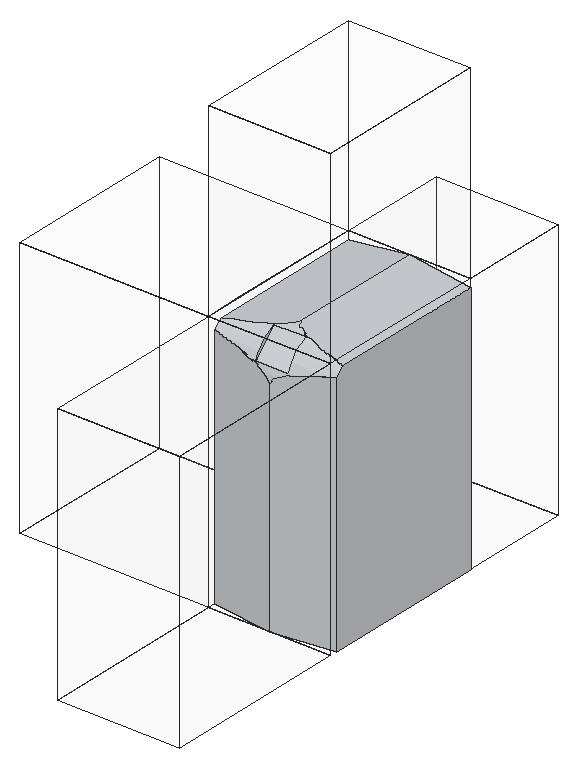
Revit family
Parameters (values of type "KBN211")
  Water Outlet Radius = 1/2"
  SES BIM Studio # = "201264901-3"
  J_ Air Inlet Offset = 1 3/4"
  F_ Water Outlet Offset = 14 1/4"
  Water Inlet Radius = 1/2"
  G_Water Inlet Offset = 5 1/4"
  WIDTH = 15 1/2"
  Voltage/Heater = "120"
  Voltage/Control = "24"
  AIR INLET SIZE = Air Inlet Radius * 2  # 3"
  URL = "http://www.lochinvar.com/products/Default.aspx?type=ProductLine&lineid=11"
  Total Amps = "1.2"
  Model = "KB-081"
  Manufacturer = "Lochinvar"
  MODEL NO. = "KBN211"
  Gas Conn Radius = 1/4"
  K_Gas Conn Offset = 16 1/4"
  I_Gas Conn Height = 23"
  GAS CONN SIZE = Gas Conn Radius * 2  # 1/2"
  GALLON CAPACITY = "1.7"
  Flue Radius = 1 1/2"
  VENT SIZE = Flue Radius * 2  # 3"
  D_ Drain Offset = 16 1/2"
  C_ DEPTH = 22 1/4"
  INPUT RATE (BTUH) = "210,000"
  A_HEIGHT = 33 1/4"
  FUEL TYPE = "NATURAL GAS"
  Description = "Knight Boiler"
  Fuel Type = "Natural or LP"
  E_Condensate Drain Offset = 15 3/4"
  Air Inlet Radius = 1 1/2"
  H_Air Inlet Height = 21 1/4"
  # of Electrical Connections = "1"
Types (5): name | F_ Water Outlet Offset | G_Water Inlet Offset | Total Amps | MODEL NO. | K_Gas Conn Offset | I_Gas Conn Height | GALLON CAPACITY | D_ Drain Offset | C_ DEPTH | INPUT RATE (BTUH) | E_Condensate Drain Offset | H_Air Inlet Height
  (no name) | 14 1/4" | 5 1/4" | "1.2" | "KBN211" | 16 1/4" | 23" | "1.7" | 16 1/2" | 22 1/4" | "210,000" | 15 3/4" | 21 1/4"
  KBN081 | 5" | 3" | "0.5" | "KBN081" | 7" | 22" | "0.6" | 7" | 14" | "80,000" | 5 3/4" | 20 1/2"
  KBN106 | 4 1/2" | 1 1/2" | "0.5" | "KBN106" | 7" | 22" | "0.7" | 6 1/2" | 14" | "105,000" | 5 3/4" | 20 1/2"
  KBN151 | 10" | 1 1/2" | "1.0" | "KBN151" | 12" | 23" | "1.3" | 12 1/4" | 18" | "150,000" | 11 1/2" | 21 1/4"
  KBN211 | 14 1/4" | 5 1/4" | "1.2" | "KBN211" | 16 1/4" | 23" | "1.7" | 16 1/2" | 22 1/4" | "210,000" | 15 3/4" | 21 1/4"
Reference planes (in)
  plane 1 "Center (Front/Back)": y = 6.125
  plane 2: z = 0
  plane 3 "Center (Left/Right)": x = -1.39218
  plane 4 "Back": y = 17.25
  plane 5 "Front": y = -5
  plane 6 "Top": z = 33.25
  plane 7 "Right": x = 6.35782
  plane 8 "Left": x = -9.14218
  plane 9 "Front Clearance": y = -29
  plane 10 "Back Clearance": y = 31.25
  plane 11 "Left Clearance": x = -33.14218
  plane 12 "Top Clearance": z = 57.25
Forms (in)
  Extrusion 1, solid
    sketch origin (-38.1296, -180, 3) x (-1, 0, 0) y (0, -1, 0)
      loop
        line (-28.98742, -197.25) -> (-28.98742, -175) -> (-44.48742, -175) -> (-44.48742, -197.25) -> (-28.98742, -197.25)
    from 30.25 to -3
  Extrusion 2, solid, material "Clearance"
    sketch origin (-15.62351, 24, -0.75) x (1, 0, 0) y (0, 1, 0)
      loop
        line (6.48133, 7.25) -> (6.48133, -6.75) -> (21.98133, -6.75) -> (21.98133, 7.25) -> (6.48133, 7.25)
    from 0.75 to 34
  Extrusion 3, solid, material "Clearance"
    sketch origin (0, 0, 33.25) x (-1, 0, 0) y (0, -1, 0)
      loop
        line (9.14218, 5) -> (9.14218, 29) -> (-6.35782, 29) -> (-6.35782, 5) -> (9.14218, 5)
    from -33.25 to 0
  Extrusion 4, solid
    sketch origin (0, 17.25, 11.25) x (1, 0, 0) y (0, 0, 1)
      loop
        circle (-1.39218, 0) r 1.5
    from 0 to -2
  Extrusion 5, solid
    sketch origin (-7, 17.25, 14) x (1, 0, 0) y (0, 0, 1)
      loop
        circle (-0.39218, 7.25) r 1.5
    from 0 to -2
  Extrusion 6, solid
    sketch origin (-9.14218, 0, 0) x (0, 1, 0) y (0, 0, 1)
      loop
        circle (12, 15.5) r 0.5
    from 0 to -1
  Extrusion 7, solid
    sketch origin (-9.14218, 0, 0) x (0, 1, 0) y (0, 0, 1)
      loop
        circle (3, 15.5) r 0.5
    from 0 to -1
  Extrusion 8, solid
    sketch origin (-9.14218, 0, 0) x (0, 1, 0) y (0, 0, 1)
      loop
        circle (1.5, 6.5) r 0.5
    from 0 to -1
  Extrusion 9, solid
    sketch origin (-9.14218, 0.5, 6.5) x (0, 1, 0) y (0, 0, 1)
      loop
        circle (0.25, 15.5) r 0.25
    from 0 to -1
  Extrusion 10, solid, material "Clearance"
    sketch origin (-24, 14, 33.25) x (-1, 0, 0) y (0, -1, 0)
      loop
        line (9.14218, -3.25) -> (9.14218, 19) -> (-14.85782, 19) -> (-14.85782, -3.25) -> (9.14218, -3.25)
    from -33.25 to 0
  Extrusion 11, solid
    sketch origin (-9.14218, 0, 0) x (0, 1, 0) y (0, 0, 1)
      loop
        circle (2.625, 23) r 0.25
    from 0 to -1
  Extrusion 12, solid, material "Clearance"
    sketch origin (-38.1296, -180, 27) x (-1, 0, 0) y (0, -1, 0)
      loop
        line (-28.98742, -197.25) -> (-28.98742, -175) -> (-44.48742, -175) -> (-44.48742, -197.25) -> (-28.98742, -197.25)
    from 30.25 to 6.25
  Extrusion 13, solid
    sketch origin (0, 17.25, 0) x (1, 0, 0) y (0, 0, 1)
      loop
        circle (-1.39218, 30) r 0.75
    from 0 to -1
  Extrusion 14, void
    sketch origin (0, 0, 33.25) x (-1, 0, 0) y (0, -1, 0)
      loop
        line (-6.35782, 5) -> (-6.35782, 4) -> (1.39218, 5) -> (-6.35782, 5)
    from 0 to -33.25
  Extrusion 15, void
    sketch origin (0, 0, 33.25) x (-1, 0, 0) y (0, -1, 0)
      loop
        line (9.14218, 5) -> (1.39218, 5) -> (9.14218, 4) -> (9.14218, 5)
    from 0 to -33.25
  Extrusion 16, void
    sketch origin (-1.39218, 0, 0) x (0, 1, 0) y (0, 0, 1)
      loop
        line (-5, 33.25) -> (-5, 28.25)
        arc (-5, 28.25) -> (-3.53553, 31.78553) -> (0, 33.25) r 5
        line (0, 33.25) -> (-5, 33.25)
    from 7.75 to -7.75
  Extrusion 17, void
    sketch origin (0, 17.25, 0) x (1, 0, 0) y (0, 0, 1)
      loop
        line (-9.14218, 33.25) -> (-9.14218, 32.25) -> (-1.39218, 33.25) -> (-9.14218, 33.25)
    from 22.25 to 0
  Extrusion 18, void
    sketch origin (0, 17.25, 0) x (1, 0, 0) y (0, 0, 1)
      loop
        line (6.35782, 33.25) -> (-1.39218, 33.25) -> (6.35782, 32.25) -> (6.35782, 33.25)
    from 22.25 to 0
  Extrusion 19, void
    sketch origin (-1.39218, 0, 0) x (0, 1, 0) y (0, 0, 1)
      loop
        line (-5, 33.25) -> (-5, 29.69796) -> (-1.44796, 33.25) -> (-5, 33.25)
    from 2.0823 to -2
Cuts and joins
  Extrusion 14, Extrusion 15, Extrusion 16, Extrusion 17, Extrusion 18, Extrusion 19 cuts Extrusion 1
  Extrusion 14, Extrusion 15, Extrusion 16, Extrusion 19 cuts Extrusion 3
  Extrusion 14, Extrusion 15, Extrusion 16, Extrusion 17, Extrusion 18, Extrusion 19 cuts Extrusion 12
  Extrusion 15, Extrusion 17 cuts Extrusion 10
  Extrusion 17, Extrusion 18 cuts Extrusion 2
Dimensions and locks (in)
  "A_HEIGHT": plane 6 "Top" to level
  equal spacing: plane 8 "Left", plane 3 "Center (Left/Right)", plane 7 "Right"
  "WIDTH": plane 8 "Left" to plane 7 "Right"
  equal spacing: plane 5 "Front", plane 1 "Center (Front/Back)", plane 4 "Back"
  "C_ DEPTH": plane 5 "Front" to plane 4 "Back"
  locked: plane 9 "Front Clearance" to plane 5 "Front" at 24
  locked: Extrusion 2 to Extrusion 4 at 11.25
  "J_ Air Inlet Offset": Extrusion 5 sketch curve to plane 8 "Left"
  "H_Air Inlet Height": level to Extrusion 5 sketch curve
  locked: Extrusion 1 to Extrusion 6 at 15.5
  "F_ Water Outlet Offset": plane 4 "Back" to Extrusion 7 sketch curve
  locked: Extrusion 1 to Extrusion 8 at 6.5
  "E_Condensate Drain Offset": plane 4 "Back" to Extrusion 8 sketch curve
  "D_ Drain Offset": Extrusion 2 to Extrusion 9 sketch curve
  "G_Water Inlet Offset": plane 4 "Back" to Extrusion 6 sketch curve
  "I_Gas Conn Height": Extrusion 3 to Extrusion 11 sketch curve
  locked: plane 12 "Top Clearance" to plane 6 "Top" at 24
  locked: plane 11 "Left Clearance" to plane 8 "Left" at 24
  locked: plane 10 "Back Clearance" to plane 4 "Back" at 14
  level to Extrusion 13 sketch curve = 30"
  Extrusion 14 to plane 3 "Center (Left/Right)" = 7 3/4"
  "Flue Radius": radius of Extrusion 4 sketch curve
  "Air Inlet Radius": radius of Extrusion 5 sketch curve
  "Water Inlet Radius": radius of Extrusion 6 sketch curve
  "Water Outlet Radius": radius of Extrusion 7 sketch curve
  radius of Extrusion 8 sketch curve = 1/2"
  "Gas Conn Radius": radius of Extrusion 9 sketch curve
  radius of Extrusion 11 sketch curve = 1/4"
  aligned and locked: plane 5 "Front" to Extrusion 1
  aligned and locked: Extrusion 1 to level
  aligned and locked: Extrusion 3 sketch curve to Extrusion 1  (x2)
  aligned and locked: plane 7 "Right" to Extrusion 3 sketch curve
  aligned and locked: Extrusion 3 to Extrusion 1
  aligned and locked: Extrusion 2 to Extrusion 1  (x4)
  aligned and locked: plane 4 "Back" to Extrusion 2
  aligned and locked: Extrusion 2 to plane 8 "Left"
  aligned and locked: Extrusion 2 to plane 7 "Right"
  aligned and locked: Extrusion 1 to plane 7 "Right"
  aligned and locked: Extrusion 3 to plane 5 "Front"
  aligned and locked: Extrusion 1 to plane 4 "Back"
  aligned and locked: plane 6 "Top" to Extrusion 1
  aligned and locked: plane 6 "Top" to Extrusion 2
  aligned and locked: Extrusion 2 to plane 10 "Back Clearance"
  aligned and locked: plane 5 "Front" to Extrusion 10
  aligned and locked: plane 8 "Left" to Extrusion 10
  aligned and locked: Extrusion 10 to plane 11 "Left Clearance"
  aligned and locked: Extrusion 10 to plane 4 "Back"
  aligned and locked: plane 12 "Top Clearance" to Extrusion 12
  aligned and locked: Extrusion 12 to plane 6 "Top"
  aligned and locked: Extrusion 12 to plane 7 "Right"
  aligned and locked: Extrusion 12 to plane 8 "Left"
  aligned and locked: Extrusion 14 to level
  aligned and locked: Extrusion 14 to plane 7 "Right"
  aligned and locked: plane 6 "Top" to Extrusion 14
  aligned and locked: Extrusion 15 to level
  aligned and locked: Extrusion 15 to plane 8 "Left"
  aligned and locked: plane 6 "Top" to Extrusion 15
  aligned and locked: Extrusion 16 to plane 7 "Right"
  aligned and locked: Extrusion 16 to plane 8 "Left"
  aligned and locked: plane 6 "Top" to Extrusion 16
  aligned and locked: Extrusion 17 to plane 8 "Left"
  aligned and locked: plane 6 "Top" to Extrusion 17
  aligned and locked: Extrusion 18 to plane 7 "Right"
  aligned and locked: plane 6 "Top" to Extrusion 18
  aligned and locked: Extrusion 17 to Extrusion 2
  aligned and locked: Extrusion 18 to Extrusion 1
Automatic sketch dimensions
  plane 4 "Back" to Extrusion 1 sketch curve = 0"
  Extrusion 1 sketch curve to plane 7 "Right" = 0"
  plane 5 "Front" to Extrusion 1 sketch curve = 0"
  Extrusion 1 sketch curve to plane 8 "Left" = 0"
  plane 4 "Back" to Extrusion 2 sketch curve = 0"
  Extrusion 2 sketch curve to plane 8 "Left" = 0"
  Extrusion 2 sketch curve to plane 7 "Right" = 0"
  plane 10 "Back Clearance" to Extrusion 2 sketch curve = 0"
  plane 9 "Front Clearance" to Extrusion 3 sketch curve = 0"
  Extrusion 4 sketch curve to plane 3 "Center (Left/Right)" = 0"
  level to Extrusion 4 sketch curve = 11 1/4"
  level to Extrusion 6 sketch curve = 15 1/2"
  level to Extrusion 7 sketch curve = 15 1/2"
  level to Extrusion 8 sketch curve = 6 1/2"
  Extrusion 9 sketch curve to plane 6 "Top" = 11 1/4"
  plane 4 "Back" to Extrusion 10 sketch curve = 0"
  Extrusion 10 sketch curve to plane 8 "Left" = 0"
  plane 5 "Front" to Extrusion 10 sketch curve = 0"
  Extrusion 10 sketch curve to plane 11 "Left Clearance" = 0"
  plane 1 "Center (Front/Back)" to Extrusion 11 sketch curve = 3 1/2"
  Extrusion 12 sketch curve to plane 4 "Back" = 0"
  Extrusion 12 sketch curve to plane 7 "Right" = 0"
  plane 5 "Front" to Extrusion 12 sketch curve = 0"
  Extrusion 12 sketch curve to plane 8 "Left" = 0"
  Extrusion 13 sketch curve to plane 3 "Center (Left/Right)" = 0"
  Extrusion 14 sketch curve to plane 7 "Right" = 0"
  Extrusion 14 sketch curve to plane 3 "Center (Left/Right)" = 0"
  plane 5 "Front" to Extrusion 14 sketch curve = 0"
  Extrusion 14 sketch curve to Extrusion 14 sketch curve = 1"
  Extrusion 15 sketch curve to plane 3 "Center (Left/Right)" = 0"
  Extrusion 15 sketch curve to plane 8 "Left" = 0"
  plane 5 "Front" to Extrusion 15 sketch curve = 0"
  Extrusion 15 sketch curve to Extrusion 15 sketch curve = 1"
  Extrusion 16 sketch curve to plane 5 "Front" = 0"
  Extrusion 16 sketch curve to plane 6 "Top" = 0"
  Extrusion 16 sketch curve to Extrusion 16 sketch curve = 5"
  Extrusion 17 sketch curve to plane 8 "Left" = 0"
  Extrusion 17 sketch curve to plane 3 "Center (Left/Right)" = 0"
  Extrusion 17 sketch curve to plane 6 "Top" = 0"
  Extrusion 17 sketch curve to Extrusion 17 sketch curve = 1"
  Extrusion 18 sketch curve to plane 3 "Center (Left/Right)" = 0"
  plane 7 "Right" to Extrusion 18 sketch curve = 0"
  Extrusion 18 sketch curve to plane 6 "Top" = 0"
  Extrusion 18 sketch curve to Extrusion 18 sketch curve = 1"
  Extrusion 19 sketch curve to plane 5 "Front" = 0"
  Extrusion 19 sketch curve to plane 6 "Top" = 0"
  Extrusion 19 sketch curve to Extrusion 19 sketch curve = 3.55204"
  Extrusion 19 sketch curve to plane 6 "Top" = 3.55204"
  radius of Extrusion 13 sketch curve = 3/4"
Connectors (in)
  hvac at (-1.39218, 19.25, 11.25), driven by "Flue Radius"
    settings: on Extrusion 4, index 1, duct flow 0 CFM, flow factor 0, pres drop 0.00 in-wg, loss coef 0, conn angle 0.00°, conn width 12", conn height 12", conn radius 1 1/2", duct sys type 3, conn prof type 0, flow config 0, flow direction 2, loss method 0, conn ref index -1, conn util no, is conn primary yes, conn desc "Flue"
  hvac at (-7.39218, 19.25, 21.25), driven by "Air Inlet Radius"
    settings: on Extrusion 5, index 2, duct flow 0 CFM, flow factor 0, pres drop 0.00 in-wg, loss coef 0, conn angle 0.00°, conn width 12", conn height 12", conn radius 1 1/2", duct sys type 1, conn prof type 0, flow config 0, flow direction 1, loss method 0, conn ref index -1, conn util no, is conn primary no, conn desc "Air Inlet"
  piping at (-10.14218, 12, 15.5), driven by "Water Inlet Radius"
    settings: on Extrusion 6, index 3, connector radius 1/2", flow factor 0, pipe flow 0 GPM, pressure drop 0.00 psi, fitting loss kfactor 0, connector angle 0.00°, fixture units 0, flow configuration 1, flow direction 1, fitting loss method 4, system type 8, connector reference index -1, connector utility 0, adjustable connector no, is connector primary yes, fitting loss table "", connector description "Water Inlet"
  piping at (-10.14218, 3, 15.5), driven by "Water Outlet Radius"
    settings: on Extrusion 7, index 4, connector radius 1/2", flow factor 0, pipe flow 0 GPM, pressure drop 0.00 psi, fitting loss kfactor 0, connector angle 0.00°, fixture units 0, flow configuration 0, flow direction 2, fitting loss method 0, system type 7, connector reference index -1, connector utility 0, adjustable connector no, is connector primary no, fitting loss table "", connector description "Water Outlet"
  piping at (-10.14218, 0.75, 22), driven by "Gas Conn Radius"
    settings: on Extrusion 9, index 5, connector radius 1/4", flow factor 0, pipe flow 0 GPM, pressure drop 0.00 psi, fitting loss kfactor 0, connector angle 0.00°, fixture units 0, flow configuration 3, flow direction 2, fitting loss method 0, system type 16, connector reference index -1, connector utility 0, adjustable connector no, is connector primary no, fitting loss table "", connector description "Drain"
  piping at (-10.14218, 1.5, 6.5)
    settings: on Extrusion 8, index 6, connector radius 1/2", flow factor 0, pipe flow 0 GPM, pressure drop 0.00 psi, fitting loss kfactor 0, connector angle 0.00°, fixture units 0, flow configuration 0, flow direction 2, fitting loss method 0, system type 16, connector reference index -1, connector utility 0, adjustable connector no, is connector primary no, fitting loss table "", connector description "Cond Drain"
  piping at (-10.14218, 2.625, 23)
    settings: on Extrusion 11, index 7, connector radius 1/4", flow factor 0, pipe flow 0 GPM, pressure drop 0.00 psi, fitting loss kfactor 0, connector angle 0.00°, fixture units 0, flow configuration 1, flow direction 1, fitting loss method 0, system type 22, connector reference index -1, connector utility 0, adjustable connector no, is connector primary no, fitting loss table "", connector description "Gas Conn"
  electrical at (-1.39218, 18.25, 30)
    settings: on Extrusion 13, index 8, voltage 0 V, apparent load 0 VA, apparent load phase1 0 VA, apparent load phase2 0 VA, apparent load phase3 0 VA, power factor 1, load classification "Other", number of poles 1, system type 30, power factor state 1, is connector primary yes, connector utility no, sub classification motor no, connector description "Line Voltage"
